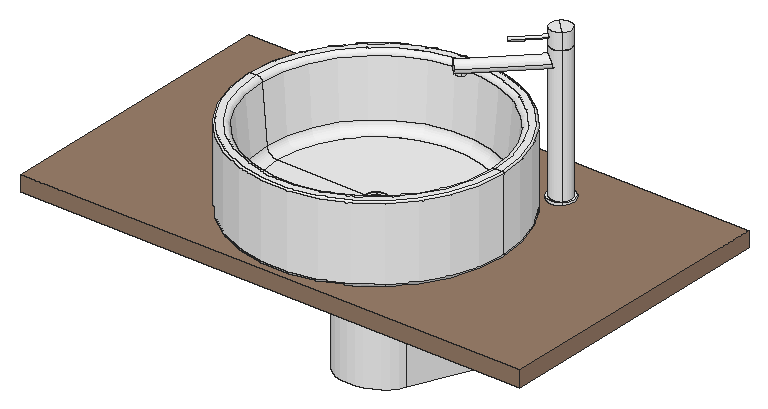
Revit family
Parameters
  Tap Height = 300 mm
  Shelf Thickness = 30 mm
  Shelf Length = 980 mm
  Shelf Depth = 560 mm
  Material Taps and Fittings = Metal - Chrome Polished
  Material Sink = Porcelain
  Material Shelf = Wood - Walnut Natural
  Manufacturer = "Revit"
  Assembly Code = ""
Reference planes
  plane 1 "Center (Front/Back)": y = 0
  plane 2: z = 0
  plane 3 "Center (Left/Right)": x = 24.85
  plane 4: x = -465.15
  plane 5: x = 514.85
  plane 6: y = -560
  plane 7: y = -300
Forms (mm)
  Extrusion 1, solid, material "Wood - Walnut Natural" <- "Material Shelf"
    sketch origin (0, 0, 0) x (1, 0, 0) y (0, 1, 0)
      loop
        line (-465.15, 0) -> (-465.15, -560) -> (514.85, -560) -> (514.85, 0) -> (-465.15, 0)
    from 0 to -30
  Revolve 2, solid, material "Porcelain" <- "Material Sink"
    sketch origin (-373.715, -300, 4000) x (-1, 0, 0) y (0, 0, 1)
      loop
        line (-381.565, -4000) -> (-153.565, -4000)
        arc (-153.565, -4000) -> (-150.03, -3998.536) -> (-148.565, -3995) r 5
        line (-148.565, -3995) -> (-148.565, -3853)
        arc (-148.565, -3853) -> (-149.444, -3850.879) -> (-151.565, -3850) r 3
        line (-151.565, -3850) -> (-164.402, -3850)
        arc (-164.402, -3850) -> (-171.158, -3852.627) -> (-174.364, -3859.128) r 10
        line (-174.364, -3859.128) -> (-183.779, -3966.743)
        arc (-183.779, -3966.743) -> (-190.191, -3979.746) -> (-203.703, -3985) r 20
        line (-203.703, -3985) -> (-376.565, -3985) -> (-376.565, -3986.535) -> (-381.565, -3986.535) -> (-381.565, -4000)
      axis (-398.565, -4000) -> (-398.565, -3850)
    angle from 0 to 360
  Revolve 3, solid, material "Metal - Chrome Polished" <- "Material Taps and Fittings"
    sketch origin (-373.715, -300, 4000) x (-1, 0, 0) y (0, 0, 1)
      loop
        line (-384.827, -3985) -> (-384.827, -3996.275) -> (-398.565, -3996.275) -> (-398.565, -4000) -> (-381.565, -4000) -> (-381.565, -3986.535) -> (-376.565, -3986.535) -> (-376.565, -3985) -> (-384.827, -3985)
      axis (-398.565, -4000) -> (-398.565, -3985)
    angle from 0 to 360
  Extrusion 4, solid, material "Metal - Chrome Polished" <- "Material Taps and Fittings"
    sketch origin (0, 0, 0) x (1, 0, 0) y (0, 1, 0)
      loop
        arc (-44.237, -311.271) -> (24.85, -370) -> (93.937, -311.271) r 70
        line (93.937, -311.271) -> (144.718, 0) -> (-95.018, 0) -> (-44.237, -311.271)
    from -30 to -335.824
  Extrusion 5, void
    sketch origin (24.85, 0, 0) x (0, 1, 0) y (0, 0, 1)
      loop
        line (-380, -335.824) -> (0, -335.824) -> (-380, -275.824) -> (-380, -335.824)
    from -182.71 to 165.115
Cuts and joins
  Extrusion 5 cuts Extrusion 1
  Extrusion 5 cuts Revolve 2
  Extrusion 5 cuts Revolve 3
  Extrusion 5 cuts Extrusion 4
Lines and regions (mm)
  symbolic lines
    curve 1: circle (24.85, -300, 0) r 17 normal (0, 0, 1)
    curve 2: arc (193.127, -115.114, 0) -> (-152.405, -476.297, 0) -> (210.644, -132.727, 0) r 250
    curve 3: arc (172.149, -136.589, 0) -> (-131.472, -454.801, 0) -> (189.693, -154.306, 0) r 220
Dimensions and locks
  equal spacing: plane 4, plane 3 "Center (Left/Right)", plane 5
  "Shelf Length": plane 4 to plane 5
  "Shelf Depth": plane 6 to plane 1 "Center (Front/Back)"
  "Shelf Thickness": level to Extrusion 1
  plane 3 "Center (Left/Right)" to Revolve 2 sketch curve = 250 mm
  aligned and locked: Extrusion 4 to Extrusion 1
  aligned and locked: Extrusion 4 sketch curve to plane 1 "Center (Front/Back)"
Automatic sketch dimensions
  Extrusion 1 sketch curve to plane 4 = 0 mm
  Extrusion 1 sketch curve to plane 5 = 0 mm
  Extrusion 1 sketch curve to plane 6 = 0 mm
  Extrusion 1 sketch curve to plane 1 "Center (Front/Back)" = 0 mm
  Revolve 2 sketch curve to plane 3 "Center (Left/Right)" = 0 mm
  Revolve 2 sketch curve to level = 0 mm
  Revolve 2 sketch curve to plane 3 "Center (Left/Right)" = 17 mm
  Revolve 2 sketch curve to Revolve 2 sketch curve = 5 mm  (x2)
  level to Revolve 2 sketch curve = 35 mm
  Revolve 2 sketch curve to Revolve 2 sketch curve = 19.924 mm
  Revolve 2 sketch curve to Revolve 2 sketch curve = 9.415 mm
  Revolve 2 sketch curve to Revolve 2 sketch curve = 9.962 mm
  Revolve 2 sketch curve to Revolve 2 sketch curve = 30.214 mm
  Revolve 2 sketch curve to Revolve 2 sketch curve = 12.837 mm
  Revolve 2 sketch curve to level = 50 mm
  level to Revolve 2 sketch curve = 13.465 mm
  Revolve 2 sketch curve to Revolve 2 sketch curve = 1.535 mm
  Revolve 2 sketch curve to Revolve 2 sketch curve = 41.535 mm
  Revolve 2 sketch curve to Revolve 2 sketch curve = 106.743 mm
  Revolve 2 sketch curve to Revolve 2 sketch curve = 0.872 mm
  Revolve 3 sketch curve to level = 0 mm
  Revolve 3 sketch curve to plane 3 "Center (Left/Right)" = 0 mm  (x2)
  level to Revolve 3 sketch curve = 3.725 mm
  Revolve 3 sketch curve to Revolve 3 sketch curve = 13.738 mm
  Revolve 3 sketch curve to Revolve 3 sketch curve = 3.262 mm
  Revolve 3 sketch curve to Revolve 3 sketch curve = 5 mm
  Revolve 3 sketch curve to level = 6.992 mm
  Revolve 3 sketch curve to Revolve 3 sketch curve = 9.74 mm
  Revolve 3 sketch curve to Revolve 3 sketch curve = 1.535 mm
  Revolve 3 sketch curve to Revolve 3 sketch curve = 12.012 mm
  Extrusion 5 sketch curve to plane 1 "Center (Front/Back)" = 0 mm
  Extrusion 5 sketch curve to plane 7 = 80 mm
  Extrusion 5 sketch curve to level = 335.824 mm
  Extrusion 5 sketch curve to Extrusion 5 sketch curve = 60 mm
  Extrusion 4 sketch curve to plane 3 "Center (Left/Right)" = 0 mm
  Extrusion 4 sketch curve to plane 7 = 0 mm
  Extrusion 4 sketch curve to plane 7 = 11.271 mm  (x2)
  Extrusion 4 sketch curve to plane 3 "Center (Left/Right)" = 69.087 mm
  Extrusion 4 sketch curve to plane 3 "Center (Left/Right)" = 119.868 mm
  plane 3 "Center (Left/Right)" to Extrusion 4 sketch curve = 119.868 mm
  curve 1 to curve 2 = 0 mm
  curve 1 to curve 3 = 0 mm
  curve 2 to curve 3 = 0 mm  (x2)
  curve 2 to plane 3 "Center (Left/Right)" = 0 mm
  curve 2 to plane 7 = 0 mm
  curve 3 to curve 3 = 17.545 mm
  plane 1 "Center (Front/Back)" to curve 3 = 136.589 mm
  curve 3 to curve 2 = 20.979 mm
  curve 2 to curve 2 = 17.517 mm
  radius of curve 1 = 17 mm
  radius of curve 2 = 250 mm
  radius of curve 3 = 220 mm
Nested families
  nested 1: "UK_Mdrn Tap Style C" at (226.375, -98.475, 0) x (0.7071, -0.7071, 0) z (0, 0, 1), type "UK_Mdrn Tap Style C"
Definition of nested family "UK_Mdrn Tap Style C"
  Parameters
    Tap Height = 300 mm
    Material Tap = none
    Manufacturer = "Revit"
  Reference planes
    plane 1 "Center (Front/Back)": y = 0
    plane 2: z = 0
    plane 3 "Center (Left/Right)": x = 0
  Forms (mm)
    Revolve 1, solid, material <- "Material Tap"
      sketch origin (0, 0, 0) x (1, 0, 0) y (0, 0, 1)
        loop
          line (0, 0) -> (0, 300) -> (-20, 300) -> (-20, 270) -> (-18, 270) -> (-18, 268) -> (-20, 268) -> (-20, 4) -> (-25, 4) -> (-25, 0) -> (0, 0)
        axis (0, 0) -> (0, 300)
      angle from 0 to 360
    Extrusion 2, solid, material <- "Material Tap"
      sketch origin (0, 0, 0) x (1, 0, 0) y (0, 0, 1)
        loop
          circle (0, 283.268) r 3
      from 0 to 82.043
    Extrusion 3, solid, material <- "Material Tap"
      sketch origin (0, 0, 0) x (1, 0, 0) y (0, 0, 1)
        loop
          circle (0, 240.642) r 12
      from 0 to 165.708
    Extrusion 4, void
      sketch origin (0, 0, -1.47) x (0, -1, 0) y (0, 0, 1)
        loop
          line (165.708, 229.642) -> (165.708, 234.642) -> (140.708, 234.642) -> (140.708, 229.642) -> (165.708, 229.642)
      from -15.058 to 15.415
    Extrusion 5, solid, material <- "Material Tap"
      sketch origin (0, 0, 0) x (1, 0, 0) y (0, 1, 0)
        loop
          circle (0, -154.43) r 8
      from 227.072 to 233.172
  Cuts and joins
    Extrusion 4 cuts Revolve 1
    joined: Revolve 1, Extrusion 5
    Extrusion 4 cuts Extrusion 2
    Extrusion 4 cuts Extrusion 3
  Dimensions and locks
    "Tap Height": Revolve 1 sketch curve to level
    locked: Extrusion 4 sketch curve to Extrusion 4 sketch curve at 5
    locked: cut or joined group of Revolve 1, Extrusion 4, Extrusion 5 to Extrusion 5 at 6.1
    locked: cut or joined group of Revolve 1, Extrusion 4, Extrusion 5 to Extrusion 2 sketch curve at 16.732
    locked: cut or joined group of Revolve 1, Extrusion 4, Extrusion 5 to Extrusion 3 sketch curve at 59.358
    locked: cut or joined group of Revolve 1, Extrusion 4, Extrusion 5 to cut or joined group of Extrusion 3, Extrusion 4 at 66.828
    aligned and locked: Extrusion 2 to plane 1 "Center (Front/Back)"
    aligned and locked: Extrusion 3 to plane 1 "Center (Front/Back)"
    aligned and locked: cut or joined group of Revolve 1, Extrusion 4, Extrusion 5 to Extrusion 5
  Automatic sketch dimensions
    Revolve 1 sketch curve to level = 0 mm
    Revolve 1 sketch curve to plane 3 "Center (Left/Right)" = 0 mm  (x2)
    Revolve 1 sketch curve to plane 3 "Center (Left/Right)" = 18 mm
    Revolve 1 sketch curve to Revolve 1 sketch curve = 2 mm  (x2)
    Revolve 1 sketch curve to Revolve 1 sketch curve = 0 mm
    Revolve 1 sketch curve to Revolve 1 sketch curve = 5 mm
    Revolve 1 sketch curve to level = 25 mm
    level to Revolve 1 sketch curve = 4 mm
    Revolve 1 sketch curve to Revolve 1 sketch curve = 32 mm
    Revolve 1 sketch curve to Revolve 1 sketch curve = 24 mm
    Extrusion 2 sketch curve to plane 3 "Center (Left/Right)" = 0 mm
    Extrusion 3 sketch curve to plane 3 "Center (Left/Right)" = 0 mm
    Extrusion 4 sketch curve to Extrusion 4 sketch curve = 25 mm
    Extrusion 5 sketch curve to plane 3 "Center (Left/Right)" = 0 mm
    level to Extrusion 4 sketch curve = 228.172 mm
    plane 1 "Center (Front/Back)" to Extrusion 4 sketch curve = 140.708 mm
    plane 1 "Center (Front/Back)" to Extrusion 5 sketch curve = 154.43 mm
    radius of Extrusion 2 sketch curve = 3 mm
    radius of Extrusion 3 sketch curve = 12 mm
    radius of Extrusion 5 sketch curve = 8 mm
